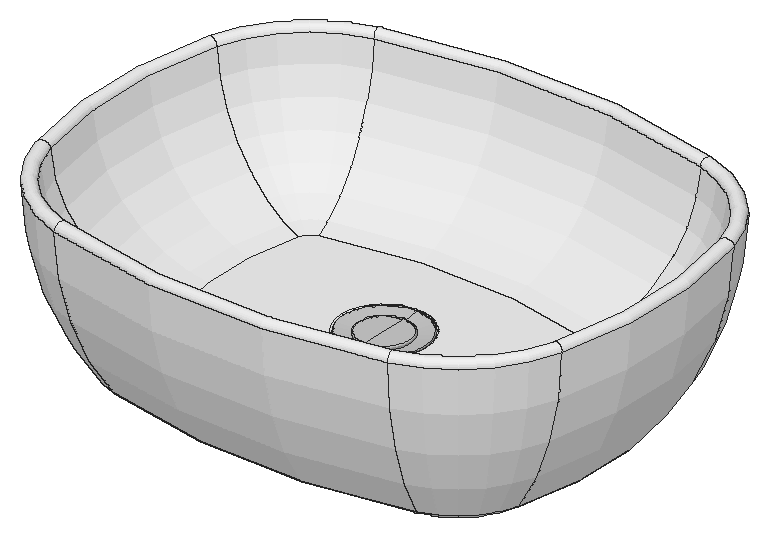
Revit family
Parameters
  Width = 483 mm  # constant formula
  Waste Connection Radius = Waste Connection Diameter / 2  # 20 mm
  Waste Connection = 1 = 1  # yes
  Vent Connection = 1 = 0  # no
  URL = "www.vaalsan.co.za"
  Product Code = "704800"
  Omniclass Title = "Sinks/Lavatories"
  Omniclass Number = "23.45.05.14.14"
  Model = "HR Symmetry Rectangular Basin"
  Manufacturer = "Vaal Sanitaryware"  # constant formula
  Depth = 393 mm  # constant formula
  Height = 150 mm  # constant formula
  HW Connection = 1 = 0  # no
  Family created by = "www.rbuiltcomponents.com"
  Waste Connection Diameter = 40 mm  # constant formula
  CW Connection = 1 = 0  # no
  Body Finish = Vitreous China-Vaal-White
  Assembly Code = "D2010310"
Reference planes
  plane 1 "Bottom": z = 0
  plane 2 "Center (Left/Right)": x = -7.5
  plane 3 "Top": z = 150
  plane 4 "Center (Front/Back)": y = -165.5
  plane 5: x = -249
  plane 6: x = 234
  plane 7: y = 31
  plane 8: y = -362
Forms (mm)
  Sweep 1, solid, material "Vitreous China-Vaal-White" <- "Body Finish"
    path origin (0, 0, 0) x (1, 0, 0) y (0, 1, 0)
      loop
        arc (-236.323, -258.844) -> (-205.368, -311.848) -> (-152.252, -342.61) r 120
        arc (-152.252, -342.61) -> (-7.5, -362) -> (137.252, -342.61) r 550
        arc (137.252, -342.61) -> (190.368, -311.848) -> (221.323, -258.844) r 120
        arc (221.323, -258.844) -> (234, -165.5) -> (221.323, -72.156) r 350
        arc (221.323, -72.156) -> (190.368, -19.152) -> (137.252, 11.61) r 120
        arc (137.252, 11.61) -> (-7.5, 31) -> (-152.252, 11.61) r 550
        arc (-152.252, 11.61) -> (-205.368, -19.152) -> (-236.323, -72.156) r 120
        arc (-236.323, -72.156) -> (-249, -165.5) -> (-236.323, -258.844) r 350
    profile origin (-249, -165.5, 0) x (-1, 0, 0) y (0, 0, 1)
      loop
        arc (-0.074, 143.987) -> (-5.628, 149.925) -> (-11.662, 144.475) r 5.8
        arc (-11.662, 144.475) -> (-42.706, 73.035) -> (-112.5, 38.449) r 113.458
        line (-112.5, 38.449) -> (-112.5, 24) -> (-110, 24)
        arc (-110, 24) -> (-95.858, 18.142) -> (-90, 4) r 20
        line (-90, 4) -> (-90, 0) -> (-54.103, 0)
        arc (-54.103, 0) -> (-51.889, 0.517) -> (-50.132, 1.962) r 5
        arc (-50.132, 1.962) -> (-13.853, 69.009) -> (-0.074, 143.987) r 243.595
  Extrusion 2, solid, material "Vitreous China-Vaal-White" <- "Body Finish"
    sketch origin (0, 0, 0) x (1, 0, 0) y (0, 1, 0)
      loop
        arc (134.583, -96.159) -> (126.844, -82.908) -> (113.565, -75.217) r 30
        arc (113.565, -75.217) -> (-7.5, -59) -> (-128.565, -75.217) r 460
        arc (-128.565, -75.217) -> (-141.844, -82.908) -> (-149.583, -96.159) r 30
        arc (-149.583, -96.159) -> (-159, -165.5) -> (-149.583, -234.841) r 260
        arc (-149.583, -234.841) -> (-141.844, -248.092) -> (-128.565, -255.783) r 30
        arc (-128.565, -255.783) -> (-7.5, -272) -> (113.565, -255.783) r 460
        arc (113.565, -255.783) -> (126.844, -248.092) -> (134.583, -234.841) r 30
        arc (134.583, -234.841) -> (144, -165.5) -> (134.583, -96.159) r 260
    from 24 to 40
  Revolve 3, solid, material "Vitreous China-Vaal-White" <- "Body Finish"
    sketch origin (0, -165.5, 0) x (1, 0, 0) y (0, 0, 1)
      loop
        line (-7.5, 24) -> (-51.5, 24)
        arc (-51.5, 24) -> (-43.015, 20.485) -> (-39.5, 12) r 12
        line (-39.5, 12) -> (-39.5, 11)
        arc (-39.5, 11) -> (-38.914, 9.586) -> (-37.5, 9) r 2
        line (-37.5, 9) -> (-7.5, 9) -> (-7.5, 24)
      axis (-7.5, 24) -> (-7.5, 9)
    angle from 0 to 360
  Revolve 4, void
    sketch origin (0, -165.5, 0) x (1, 0, 0) y (0, 0, 1)
      loop
        line (-7.5, 40) -> (-44.328, 40)
        arc (-44.328, 40) -> (-43.563, 39.848) -> (-42.914, 39.414) r 2
        line (-42.914, 39.414) -> (-27.5, 24) -> (-27.5, 0) -> (-7.5, 0) -> (-7.5, 40)
      axis (-7.5, 40) -> (-7.5, 0)
    angle from 0 to 360
  Revolve 5, solid, material "Chrome"
    sketch origin (-7.5, 0, 0) x (0, 1, 0) y (0, 0, 1)
      loop
        line (-165.5, 36.138) -> (-165.5, 39.656) -> (-186.811, 39.656)
        arc (-186.811, 39.656) -> (-187.758, 38.977) -> (-187.418, 37.861) r 1
        line (-187.418, 37.861) -> (-200.306, 40.095)
        arc (-200.306, 40.095) -> (-200.881, 39.706) -> (-200.513, 39.117) r 0.5
        line (-200.513, 39.117) -> (-188.563, 36.138) -> (-165.5, 36.138)
      axis (-165.5, 36.138) -> (-165.5, 40.095)
    angle from 0 to 360
Cuts and joins
  Revolve 4 cuts Extrusion 2
  Revolve 4 cuts Revolve 3
  joined: Extrusion 2, Revolve 3
  Revolve 4 cuts Sweep 1
Lines and regions (mm)
  Masking region 1
    outline origin (0, 0, 150) x (-1, 0, 0) y (0, -1, 0)
      loop
        arc (236.323, 258.844) -> (205.368, 311.848) -> (152.252, 342.61) r 120
        arc (152.252, 342.61) -> (7.5, 362) -> (-137.252, 342.61) r 550
        arc (-137.252, 342.61) -> (-190.368, 311.848) -> (-221.323, 258.844) r 120
        arc (-221.323, 258.844) -> (-234, 165.5) -> (-221.323, 72.156) r 350
        arc (-221.323, 72.156) -> (-190.368, 19.152) -> (-137.252, -11.61) r 120
        arc (-137.252, -11.61) -> (7.5, -31) -> (152.252, -11.61) r 550
        arc (152.252, -11.61) -> (205.368, 19.152) -> (236.323, 72.156) r 120
        arc (236.323, 72.156) -> (249, 165.5) -> (236.323, 258.844) r 350
  Masking region 2
    outline origin (0, 37, 0) x (1, 0, 0) y (0, 0, 1)
      loop
        arc (-244.002, 150) -> (-247.585, 148.488) -> (-249, 144.865) r 5
        arc (-249, 144.865) -> (-234.906, 69.361) -> (-198.101, 1.945) r 244.718
        arc (-198.101, 1.945) -> (-196.348, 0.513) -> (-194.143, 0) r 5
        line (-194.143, 0) -> (179.143, 0)
        arc (179.143, 0) -> (181.348, 0.513) -> (183.101, 1.945) r 5
        arc (183.101, 1.945) -> (219.906, 69.361) -> (234, 144.865) r 244.718
        arc (234, 144.865) -> (232.585, 148.488) -> (229.002, 150) r 5
        line (229.002, 150) -> (-244.002, 150)
  Masking region 3
    outline origin (-7.5, 0, 0) x (0, 1, 0) y (0, 0, 1)
      loop
        line (26.001, 150) -> (-357.001, 150)
        arc (-357.001, 150) -> (-360.573, 148.499) -> (-362, 144.897) r 5
        arc (-362, 144.897) -> (-348.132, 69.277) -> (-311.068, 1.919) r 240.038
        arc (-311.068, 1.919) -> (-309.32, 0.505) -> (-307.13, 0) r 5
        line (-307.13, 0) -> (-23.87, 0)
        arc (-23.87, 0) -> (-21.68, 0.505) -> (-19.932, 1.919) r 5
        arc (-19.932, 1.919) -> (17.132, 69.277) -> (31, 144.897) r 240.038
        arc (31, 144.897) -> (29.573, 148.499) -> (26.001, 150) r 5
  symbolic lines, style "Basin", detail levels fine
    curve 1: circle (-7.5, -165.5, 150) r 20 normal (0, 0, 1)
    curve 2: circle (-7.5, -165.5, 0) r 37.5 normal (0, 0, -1)
  symbolic lines
    curve 3: arc (-226.685, -74.823, 0) -> (-239, -165.5, 0) -> (-226.685, -256.177, 0) r 340
    curve 4: arc (134.62, 1.963, 0) -> (-7.5, 21, 0) -> (-149.62, 1.963, 0) r 540
    curve 5: arc (211.685, -256.177, 0) -> (224, -165.5, 0) -> (211.685, -74.823, 0) r 340
    curve 6: arc (-149.62, -332.963, 0) -> (-7.5, -352, 0) -> (134.62, -332.963, 0) r 540
    curve 7: arc (134.62, -332.963, 0) -> (183.309, -304.764, 0) -> (211.685, -256.177, 0) r 110
    curve 8: arc (-226.685, -256.177, 0) -> (-198.309, -304.764, 0) -> (-149.62, -332.963, 0) r 110
    curve 9: arc (-149.62, 1.963, 0) -> (-198.309, -26.236, 0) -> (-226.685, -74.823, 0) r 110
    curve 10: arc (211.685, -74.823, 0) -> (183.309, -26.236, 0) -> (134.62, 1.963, 0) r 110
Dimensions and locks
  locked: plane 3 "Top" to plane 1 "Bottom" at 150
  equal spacing: plane 5, plane 2 "Center (Left/Right)", plane 6
  locked: plane 5 to plane 6 at 483
  equal spacing: plane 8, plane 4 "Center (Front/Back)", plane 7
  locked: plane 8 to plane 7 at 393
  aligned and locked: Sweep 1 to Extrusion 2
  aligned and locked: Extrusion 2 sketch curve to cut or joined group of Sweep 1, Revolve 4  (x3)
Automatic sketch dimensions
  curve 1 to plane 2 "Center (Left/Right)" = 0 mm
  curve 1 to plane 4 "Center (Front/Back)" = 0 mm
  Masking region 2 sketch curve to plane 3 "Top" = 0 mm
  Masking region 2 sketch curve to level = 0 mm
  Masking region 2 sketch curve to plane 3 "Top" = 5.135 mm
  plane 5 to Masking region 2 sketch curve = 0 mm
  Masking region 2 sketch curve to Masking region 2 sketch curve = 0 mm  (x2)
  Masking region 2 sketch curve to Masking region 2 sketch curve = 4.998 mm  (x2)
  level to Masking region 2 sketch curve = 1.945 mm  (x2)
  plane 5 to Masking region 2 sketch curve = 50.899 mm
  plane 3 "Top" to Masking region 2 sketch curve = 1.462 mm
  Masking region 2 sketch curve to plane 2 "Center (Left/Right)" = 3.129 mm
  Masking region 2 sketch curve to plane 6 = 54.857 mm
  Masking region 2 sketch curve to Masking region 2 sketch curve = 3.958 mm
  Masking region 2 sketch curve to plane 6 = 4.998 mm
  Masking region 3 sketch curve to plane 3 "Top" = 0 mm
  Masking region 3 sketch curve to level = 0 mm
  Masking region 3 sketch curve to plane 3 "Top" = 5.103 mm
  plane 4 "Center (Front/Back)" to Masking region 3 sketch curve = 196.5 mm
  Masking region 3 sketch curve to Masking region 3 sketch curve = 0 mm  (x2)
  Masking region 3 sketch curve to Masking region 3 sketch curve = 4.999 mm
  level to Masking region 3 sketch curve = 1.919 mm  (x2)
  Masking region 3 sketch curve to Masking region 3 sketch curve = 45.933 mm
  Masking region 3 sketch curve to plane 3 "Top" = 0.174 mm
  plane 4 "Center (Front/Back)" to Masking region 3 sketch curve = 43.488 mm
  Masking region 3 sketch curve to plane 4 "Center (Front/Back)" = 141.63 mm
  Masking region 3 sketch curve to Masking region 3 sketch curve = 3.938 mm
  Masking region 3 sketch curve to plane 3 "Top" = 5 mm
  Masking region 3 sketch curve to Masking region 3 sketch curve = 49.871 mm
  Revolve 3 sketch curve to plane 2 "Center (Left/Right)" = 0 mm  (x2)
  Revolve 3 sketch curve to level = 0 mm
  level to Revolve 3 sketch curve = 9 mm
  Revolve 3 sketch curve to plane 2 "Center (Left/Right)" = 30 mm
  Revolve 3 sketch curve to Revolve 3 sketch curve = 2 mm
  Revolve 3 sketch curve to Revolve 3 sketch curve = 12 mm
  Revolve 3 sketch curve to Revolve 3 sketch curve = 0 mm
  Revolve 3 sketch curve to Revolve 3 sketch curve = 1 mm
  Revolve 3 sketch curve to Revolve 3 sketch curve = 15 mm
  Revolve 3 sketch curve to Revolve 3 sketch curve = 16 mm
  Revolve 4 sketch curve to level = 0 mm
  Revolve 4 sketch curve to plane 2 "Center (Left/Right)" = 0 mm  (x2)
  Revolve 4 sketch curve to plane 2 "Center (Left/Right)" = 20 mm
  Revolve 4 sketch curve to Revolve 4 sketch curve = 15.414 mm
  Revolve 4 sketch curve to Revolve 4 sketch curve = 1.414 mm  (x2)
  Revolve 4 sketch curve to Revolve 4 sketch curve = 0 mm
  Revolve 4 sketch curve to level = 10.059 mm
  level to Revolve 4 sketch curve = 24 mm
  Revolve 4 sketch curve to Revolve 4 sketch curve = 14 mm
  Revolve 4 sketch curve to Revolve 4 sketch curve = 16 mm
  Revolve 4 sketch curve to Revolve 4 sketch curve = 11.432 mm
  Revolve 5 sketch curve to plane 4 "Center (Front/Back)" = 0 mm  (x2)
  Revolve 5 sketch curve to level = 0 mm
  plane 4 "Center (Front/Back)" to Revolve 5 sketch curve = 21.311 mm
  Revolve 5 sketch curve to Revolve 5 sketch curve = 0.607 mm
  Revolve 5 sketch curve to Revolve 5 sketch curve = 1.145 mm
  Revolve 5 sketch curve to Revolve 5 sketch curve = 11.744 mm
  Revolve 5 sketch curve to Revolve 5 sketch curve = 0.085 mm
  Revolve 5 sketch curve to Revolve 5 sketch curve = 0.121 mm
  level to Revolve 5 sketch curve = 36.138 mm
  Revolve 5 sketch curve to Revolve 5 sketch curve = 1.724 mm
  Revolve 5 sketch curve to Revolve 5 sketch curve = 0.795 mm
  Revolve 5 sketch curve to Revolve 5 sketch curve = 2.979 mm
  Revolve 5 sketch curve to Revolve 5 sketch curve = 0.485 mm
  Revolve 5 sketch curve to Revolve 5 sketch curve = 0.905 mm
  Sweep 1 sketch curve to plane 1 "Bottom" = 0 mm
  plane 1 "Bottom" to Sweep 1 sketch curve = 149.984 mm
  profile plane to Sweep 1 sketch curve = 243.595 mm
  Sweep 1 sketch curve to Sweep 1 sketch curve = 118.676 mm
  plane 1 "Bottom" to Sweep 1 sketch curve = 38.449 mm
  profile plane to Sweep 1 sketch curve = 112.5 mm
  plane 1 "Bottom" to Sweep 1 sketch curve = 4 mm
  Sweep 1 sketch curve to Sweep 1 sketch curve = 2.5 mm
  Sweep 1 sketch curve to Sweep 1 sketch curve = 20 mm
  Sweep 1 sketch curve to Sweep 1 sketch curve = 35.897 mm
  plane 1 "Bottom" to Sweep 1 sketch curve = 1.962 mm
  Sweep 1 sketch curve to Sweep 1 sketch curve = 3.971 mm
  profile plane to Sweep 1 sketch curve = 11.662 mm
  Sweep 1 sketch curve to Sweep 1 sketch curve = 0 mm  (x8)
  Sweep 1 sketch curve to Sweep 1 sketch curve = 5.79 mm
  profile plane to Sweep 1 sketch curve = 0.074 mm
  Sweep 1 sketch curve to plane 4 "Center (Front/Back)" = 0 mm  (x2)
  Sweep 1 sketch curve to plane 2 "Center (Left/Right)" = 0 mm  (x2)
  Sweep 1 sketch curve to plane 2 "Center (Left/Right)" = 108.5 mm
  Sweep 1 sketch curve to Sweep 1 sketch curve = 4.669 mm  (x4)
  Sweep 1 sketch curve to plane 8 = 19.39 mm  (x2)
  Sweep 1 sketch curve to Sweep 1 sketch curve = 31.582 mm  (x2)
  plane 7 to Sweep 1 sketch curve = 19.39 mm
  plane 5 to Sweep 1 sketch curve = 12.677 mm  (x2)
  Sweep 1 sketch curve to plane 6 = 12.677 mm
  Extrusion 2 sketch curve to plane 4 "Center (Front/Back)" = 0 mm
  Extrusion 2 sketch curve to Extrusion 2 sketch curve = 4.669 mm  (x4)
  Extrusion 2 sketch curve to Extrusion 2 sketch curve = 7.896 mm  (x4)
  Extrusion 2 sketch curve to Extrusion 2 sketch curve = 0 mm  (x5)
  Extrusion 2 sketch curve to Extrusion 2 sketch curve = 21.018 mm
  Masking region 1 sketch curve to plane 4 "Center (Front/Back)" = 0 mm  (x2)
  Masking region 1 sketch curve to plane 2 "Center (Left/Right)" = 0 mm  (x2)
  Masking region 1 sketch curve to Masking region 1 sketch curve = 4.669 mm  (x4)
  plane 7 to Masking region 1 sketch curve = 19.39 mm  (x2)
  Masking region 1 sketch curve to Masking region 1 sketch curve = 0 mm  (x6)
  Masking region 1 sketch curve to plane 8 = 19.39 mm  (x2)
  Masking region 1 sketch curve to Masking region 1 sketch curve = 31.582 mm  (x2)
  Masking region 1 sketch curve to plane 6 = 12.677 mm  (x2)
  plane 5 to Masking region 1 sketch curve = 12.677 mm
  plane 4 "Center (Front/Back)" to Masking region 1 sketch curve = 61.341 mm
  curve 5 to plane 4 "Center (Front/Back)" = 0 mm
  curve 6 to plane 2 "Center (Left/Right)" = 0 mm
  curve 4 to plane 2 "Center (Left/Right)" = 0 mm
  curve 2 to plane 2 "Center (Left/Right)" = 0 mm
  curve 3 to plane 4 "Center (Front/Back)" = 0 mm
  curve 2 to plane 4 "Center (Front/Back)" = 0 mm
  curve 5 to curve 2 = 108.5 mm
  plane 7 to curve 4 = 29.037 mm  (x2)
  plane 5 to curve 4 = 99.38 mm
  curve 6 to plane 8 = 29.037 mm
  plane 5 to curve 6 = 99.38 mm
  plane 5 to curve 3 = 22.315 mm  (x2)
  curve 3 to curve 7 = 4.669 mm
  curve 7 to plane 8 = 29.037 mm
  curve 7 to plane 6 = 99.38 mm
  curve 5 to plane 6 = 22.315 mm  (x2)
  curve 7 to curve 5 = 0 mm
  plane 8 to curve 4 = 157 mm
  plane 4 "Center (Front/Back)" to curve 3 = 90.677 mm
  plane 4 "Center (Front/Back)" to curve 5 = 90.677 mm
  curve 8 to curve 3 = 0 mm
  curve 9 to curve 3 = 0 mm
  curve 10 to curve 4 = 0 mm
  radius of curve 1 = 20 mm
  radius of curve 2 = 37.5 mm
Connectors
  piping at (-7.5, -165.5, 9), driven by "Waste Connection Radius"
    settings: on cut or joined group of Extrusion 2, Revolve 3, Revolve 4, index 1
